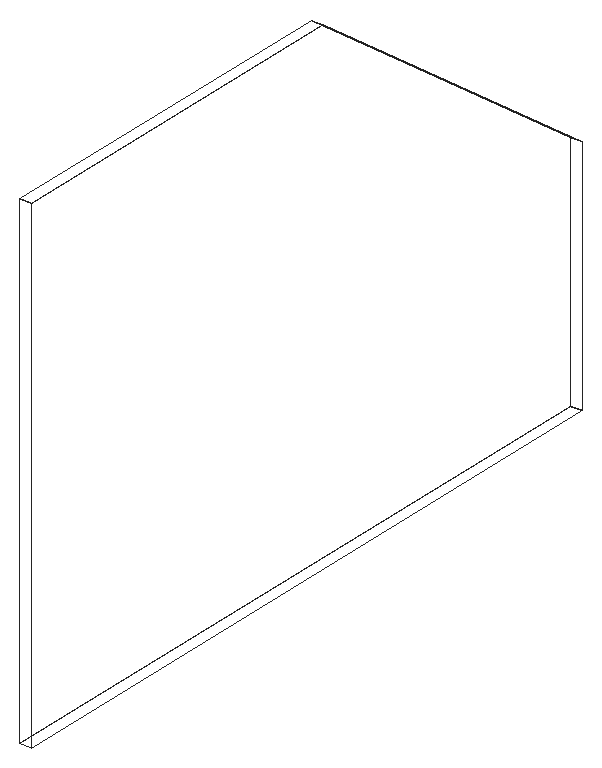
Revit family "IDP_Furniture_SPL901-SPLASH PANEL", category Furniture, Revit 2026
Family settings
  Work Plane-Based = No
  Enable Cutting in Views = Yes
  Always vertical = Yes
  Cut with Voids When Loaded = No
  Render Appearance Source = Family Geometry
  Shared = Yes
  Room Calculation Point = No
Parameters (values of type "SPL901")
  WarrantyStartDate [instance] = ""
  WarrantyGuarantorParts = ""
  WarrantyGuarantorLabor = ""
  WarrantyDurationUnit = ""
  WarrantyDurationParts = ""
  WarrantyDurationLabor = ""
  WarrantyDescription = ""
  Uniclass2015_Pr = "Pr_40_20_76_83 : Splashbacks"
  Uniclass2015Version = ""
  Uniclass2015Code = ""
  TagNumber [instance] = ""
  SustainabilityPerformance = ""
  Size = ""
  Shape = ""
  SerialNumber [instance] = ""
  SFG20 = ""
  ReplacementCost = ""
  PANEL = Glass - Clear
  NominalWidth = 0 mm
  NominalLength = 0 mm
  NominalHeight = 0 mm
  Name = ""
  NRM3 = ""
  NRM1 = ""
  ModelReference = ""
  ModelNumber = ""
  Material = ""
  Length [instance] = 585 mm
  InstallationDate [instance] = ""
  built-in parameter 1005193 = 0 mm
  Height [instance] = 415 mm
  Grade = ""
  Finish = ""
  Features = ""
  ExpectedLife = ""
  DurationUnit = ""
  Description = "SPLASH PANEL"
  Default Elevation = 0 mm
  Constituents = ""
  Color = ""
  CodePerformance = ""
  Category = ""
  BarCode [instance] = ""
  AssetType = ""
  AssetIdentifier [instance] = ""
  AccessibilityPerformance = ""
  ADBWidth = 0 mm
  ADBWeight = 0
  ADBWaterServices = ""
  ADBVolume = 0
  ADBVoltage = 0
  ADBVentilationServices = ""
  ADBUserType2 = ""
  ADBUserType1 = ""
  ADBUserData5 = ""
  ADBUserData4 = ""
  ADBUserData3 = ""
  ADBUserData2 = ""
  ADBUserData1 = "R1"
  ADBTransferred [instance] = no
  ADBTransferCost = 0
  ADBSupplierType = ""
  ADBSupplierDescription = ""
  ADBSupplierCode = ""
  ADBSafetyClass = ""
  ADBProtectionType = ""
  ADBPower = 0
  ADBPhase = ""
  ADBPartNumber = ""
  ADBParent = ""
  ADBMountingHeight = 0 mm
  ADBModelType = ""
  ADBModelPrice = 0
  ADBModelName = ""
  ADBModelDescription = ""
  ADBModelCode = ""
  ADBMiscellaneousServices = ""
  ADBLength = 0 mm
  ADBLayer = ""
  ADBInstallerType = ""
  ADBHeight = 0 mm
  ADBGroup = "1"
  ADBGases = ""
  ADBFixingParameter = 0 mm
  ADBEarth = ""
  ADBDescription = "SPLASH PANEL, glazed panel, sit on worktop, size as drawn"
  ADBDepth = 0 mm
  ADBDC = no
  ADBCost = 0
  ADBComponentLevel = ""
  ADBCode = "SPL901"
  ADBClassCode = ""
  ADBCabling = ""
  ADBBrandDescription = ""
  ADBBrandCode = ""
  ADBAlternateCode = ""
  ADBAC = no
Reference planes
  plane 1 "Center (Front/Back)": y = 0
  plane 2: z = 0
  plane 3 "Center (Left/Right)": x = 0
Forms (mm)
  Extrusion 1, solid, material "Glass - Clear" <- "PANEL"
    sketch origin (0, 0, 0) x (0, 1, 0) y (0, 0, 1)
      loop
        line (585, 205) -> (310, 415) -> (0, 415) -> (0, 0) -> (585, 0) -> (585, 205)
    from 0 to 10
Dimensions and locks
  Extrusion 1 sketch curve to Extrusion 1 sketch curve to Extrusion 1 sketch curve = 275 mm, 310 mm
  Extrusion 1 sketch curve to Extrusion 1 sketch curve to Extrusion 1 sketch curve = 210 mm, 205 mm
  "Length": Extrusion 1 to Extrusion 1
  "Height": Extrusion 1 to Extrusion 1
Automatic sketch dimensions
  Extrusion 1 sketch curve to plane 1 "Center (Front/Back)" = 0 mm
  Extrusion 1 sketch curve to level = 0 mm
